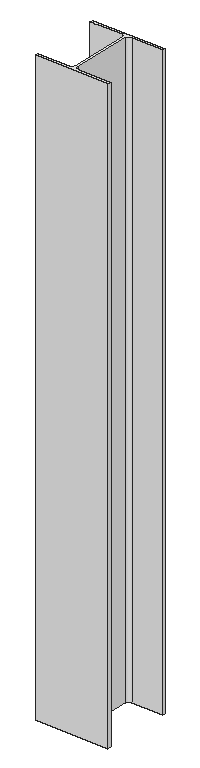
Revit family "UBP-Universal Bearing Piles-Column", category 구조 기둥, Revit 2026
Family settings
  단면 모양 = 정의되지 않음
  모델 동작 재료 = 스틸
  항상 형상으로 내보내기 = 아니오
  평면의 보 전환 = 경계 상자에서
  로드될 때 보이드를 사용하여 절단 = 아니오
  기호 표현 = 프로젝트 설정에서
  공유 = 아니오
  평면도에서 미리 절단된 패밀리 표시 = 예
Parameters (values of type "UBP305x305x79")
  구조 재료 = Metal - Steel - 345 MPa
  A = 0.01 m²
  W = 0.77375
  bf = 306 mm
  d = 299.2 mm
  k = 26.3 mm
  kr = k - tf  # 15.2 mm
  tf = 11.1 mm
  tw = 11.1 mm
Reference planes
  plane 1: y = 0
  plane 2: z = 0
  plane 3: x = 0
  plane 4: x = -153
  plane 5: x = 153
  plane 6: y = 149.6
  plane 7: y = -149.6
  plane 8: x = -3.969
  plane 9: x = 3.969
Forms (mm)
  Extrusion 1, solid, material "Metal - Steel - 345 MPa" <- "구조 재료", detail levels medium
    sketch origin (0, 0, 0) x (1, 0, 0) y (0, 1, 0)
      loop
        line (-153, 149.6) -> (-153, 138.5) -> (-5.55, 138.5) -> (-5.55, -138.5) -> (-153, -138.5) -> (-153, -149.6) -> (153, -149.6) -> (153, -138.5) -> (5.55, -138.5) -> (5.55, 138.5) -> (153, 138.5) -> (153, 149.6) -> (-153, 149.6)
    from 0 to 2500
  Extrusion 2, solid, material "Metal - Steel - 345 MPa" <- "구조 재료", detail levels fine
    sketch origin (0, 0, 0) x (1, 0, 0) y (0, 1, 0)
      loop
        line (-153, 149.6) -> (-153, 138.5) -> (-20.75, 138.5)
        arc (-20.75, 138.5) -> (-10.002, 134.048) -> (-5.55, 123.3) r 15.2
        line (-5.55, 123.3) -> (-5.55, -123.3)
        arc (-5.55, -123.3) -> (-10.002, -134.048) -> (-20.75, -138.5) r 15.2
        line (-20.75, -138.5) -> (-153, -138.5) -> (-153, -149.6) -> (153, -149.6) -> (153, -138.5) -> (20.75, -138.5)
        arc (20.75, -138.5) -> (10.002, -134.048) -> (5.55, -123.3) r 15.2
        line (5.55, -123.3) -> (5.55, 123.3)
        arc (5.55, 123.3) -> (10.002, 134.048) -> (20.75, 138.5) r 15.2
        line (20.75, 138.5) -> (153, 138.5) -> (153, 149.6) -> (-153, 149.6)
    from 0 to 2500
Lines and regions (mm)
  symbolic lines, style "StructuralColumnStickSymbols", detail levels coarse
    curve 1: line (-153, 149.6, 0) -> (153, 149.6, 0)
    curve 2: line (-153, -149.6, 0) -> (153, -149.6, 0)
    curve 3: line (0, 149.6, 0) -> (0, -149.6, 0)
  symbolic lines, style "Hidden Faces", detail levels medium+fine
    curve 4: line (-3.969, 0, 0) -> (-3.969, 0, 2500)
    curve 5: line (3.969, 0, 2500) -> (3.969, 0, 0)
Dimensions and locks
  equal spacing: plane 4, plane 3, plane 5
  equal spacing: plane 7, plane 1, plane 6
  "d": plane 7 to plane 6
  "bf": plane 4 to plane 5
  "tf": plane 7 to Extrusion 1 sketch curve
  "tf": Extrusion 1 sketch curve to plane 6
  equal spacing: Extrusion 1 sketch curve, plane 3, Extrusion 1 sketch curve
  "tw": Extrusion 1 sketch curve to Extrusion 1 sketch curve
  "kr": radius of Extrusion 2 sketch curve  (x4)
  aligned and locked: plane 6 to Extrusion 1 sketch curve
  aligned and locked: Extrusion 1 sketch curve to plane 7
  aligned and locked: Extrusion 1 sketch curve to plane 4  (x2)
  aligned and locked: plane 5 to Extrusion 1 sketch curve  (x2)
  aligned and locked: Extrusion 1 sketch curve to Extrusion 1 sketch curve  (x2)
  aligned and locked: level to Extrusion 1
  aligned and locked: level to plane 2
  aligned and locked: Extrusion 1 to plane 2
  aligned and locked: plane 6 to Extrusion 2 sketch curve
  aligned and locked: plane 5 to Extrusion 2 sketch curve  (x2)
  aligned and locked: Extrusion 2 sketch curve to plane 4  (x2)
  aligned and locked: Extrusion 2 sketch curve to Extrusion 1  (x6)
  aligned and locked: Extrusion 2 sketch curve to plane 7
  aligned and locked: level to Extrusion 2
  aligned and locked: Extrusion 2 to level
Automatic sketch dimensions
  curve 2 to plane 4 = 0 mm
  curve 1 to plane 4 = 0 mm
  curve 3 to plane 3 = 0 mm
  curve 2 to plane 5 = 0 mm
  curve 1 to plane 5 = 0 mm
  curve 3 to plane 7 = 0 mm
  curve 3 to plane 6 = 0 mm
  curve 4 to level = 0 mm  (x2)
  curve 4 to plane 8 = 0 mm
  curve 5 to level = 0 mm  (x2)
  curve 5 to plane 9 = 0 mm
